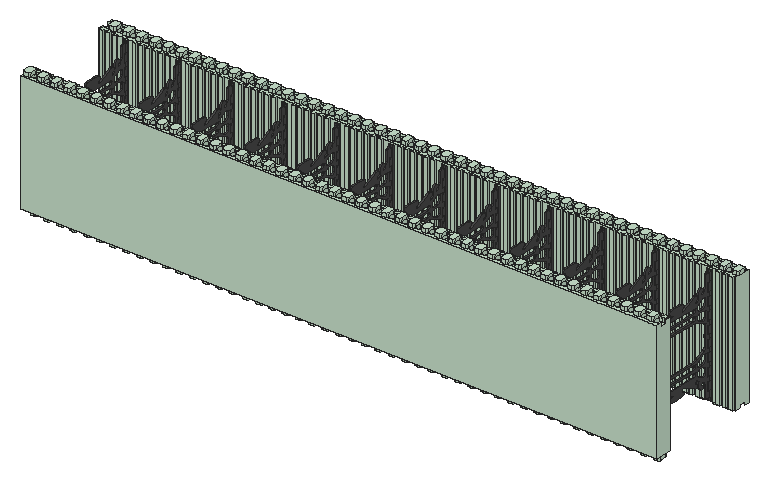
Revit family (continued)
Forms (mm)
  Extrusion 107, void
    sketch origin (508, -76.261, 0) x (-1, 0, 0) y (0, -1, 0)
      loop
        line (25.4, 124.411) -> (25.4, 101.014)
        arc (25.4, 101.014) -> (26.615, 97.278) -> (29.796, 94.972) r 6.35
        arc (29.796, 94.972) -> (36.091, 93.737) -> (42.5, 94.024) r 26.988
        arc (42.5, 94.024) -> (43.786, 93.668) -> (44.346, 92.457) r 1.587
        line (44.346, 92.457) -> (44.346, 86.829) -> (48.685, 86.829) -> (48.685, 95.62)
        arc (48.685, 95.62) -> (48.795, 96.199) -> (49.108, 96.698) r 1.588
        arc (49.108, 96.698) -> (50.362, 98.696) -> (50.8, 101.014) r 6.35
        line (50.8, 101.014) -> (50.8, 124.411)
        arc (50.8, 124.411) -> (49.585, 128.147) -> (46.404, 130.453) r 6.35
        arc (46.404, 130.453) -> (38.1, 131.763) -> (29.796, 130.453) r 26.987
        arc (29.796, 130.453) -> (26.615, 128.147) -> (25.4, 124.411) r 6.35
    from 0 to 12.7
  Extrusion 108, void
    sketch origin (558.8, -76.261, 0) x (-1, 0, 0) y (0, -1, 0)
      loop
        line (25.4, 124.411) -> (25.4, 101.014)
        arc (25.4, 101.014) -> (26.615, 97.278) -> (29.796, 94.972) r 6.35
        arc (29.796, 94.972) -> (36.091, 93.737) -> (42.5, 94.024) r 26.988
        arc (42.5, 94.024) -> (43.786, 93.668) -> (44.346, 92.457) r 1.587
        line (44.346, 92.457) -> (44.346, 86.829) -> (48.685, 86.829) -> (48.685, 95.62)
        arc (48.685, 95.62) -> (48.795, 96.199) -> (49.108, 96.698) r 1.588
        arc (49.108, 96.698) -> (50.362, 98.696) -> (50.8, 101.014) r 6.35
        line (50.8, 101.014) -> (50.8, 124.411)
        arc (50.8, 124.411) -> (49.585, 128.147) -> (46.404, 130.453) r 6.35
        arc (46.404, 130.453) -> (38.1, 131.763) -> (29.796, 130.453) r 26.987
        arc (29.796, 130.453) -> (26.615, 128.147) -> (25.4, 124.411) r 6.35
    from 0 to 12.7
  Extrusion 109, void
    sketch origin (609.6, -76.261, 0) x (-1, 0, 0) y (0, -1, 0)
      loop
        line (25.4, 124.411) -> (25.4, 101.014)
        arc (25.4, 101.014) -> (26.615, 97.278) -> (29.796, 94.972) r 6.35
        arc (29.796, 94.972) -> (36.091, 93.737) -> (42.5, 94.024) r 26.988
        arc (42.5, 94.024) -> (43.786, 93.668) -> (44.346, 92.457) r 1.587
        line (44.346, 92.457) -> (44.346, 86.829) -> (48.685, 86.829) -> (48.685, 95.62)
        arc (48.685, 95.62) -> (48.795, 96.199) -> (49.108, 96.698) r 1.588
        arc (49.108, 96.698) -> (50.362, 98.696) -> (50.8, 101.014) r 6.35
        line (50.8, 101.014) -> (50.8, 124.411)
        arc (50.8, 124.411) -> (49.585, 128.147) -> (46.404, 130.453) r 6.35
        arc (46.404, 130.453) -> (38.1, 131.763) -> (29.796, 130.453) r 26.987
        arc (29.796, 130.453) -> (26.615, 128.147) -> (25.4, 124.411) r 6.35
    from 0 to 12.7
  Extrusion 110, void
    sketch origin (660.4, -76.261, 0) x (-1, 0, 0) y (0, -1, 0)
      loop
        line (25.4, 124.411) -> (25.4, 101.014)
        arc (25.4, 101.014) -> (26.615, 97.278) -> (29.796, 94.972) r 6.35
        arc (29.796, 94.972) -> (36.091, 93.737) -> (42.5, 94.024) r 26.988
        arc (42.5, 94.024) -> (43.786, 93.668) -> (44.346, 92.457) r 1.587
        line (44.346, 92.457) -> (44.346, 86.829) -> (48.685, 86.829) -> (48.685, 95.62)
        arc (48.685, 95.62) -> (48.795, 96.199) -> (49.108, 96.698) r 1.588
        arc (49.108, 96.698) -> (50.362, 98.696) -> (50.8, 101.014) r 6.35
        line (50.8, 101.014) -> (50.8, 124.411)
        arc (50.8, 124.411) -> (49.585, 128.147) -> (46.404, 130.453) r 6.35
        arc (46.404, 130.453) -> (38.1, 131.763) -> (29.796, 130.453) r 26.987
        arc (29.796, 130.453) -> (26.615, 128.147) -> (25.4, 124.411) r 6.35
    from 0 to 12.7
  Extrusion 111, void
    sketch origin (711.2, -76.261, 0) x (-1, 0, 0) y (0, -1, 0)
      loop
        line (25.4, 124.411) -> (25.4, 101.014)
        arc (25.4, 101.014) -> (26.615, 97.278) -> (29.796, 94.972) r 6.35
        arc (29.796, 94.972) -> (36.091, 93.737) -> (42.5, 94.024) r 26.988
        arc (42.5, 94.024) -> (43.786, 93.668) -> (44.346, 92.457) r 1.587
        line (44.346, 92.457) -> (44.346, 86.829) -> (48.685, 86.829) -> (48.685, 95.62)
        arc (48.685, 95.62) -> (48.795, 96.199) -> (49.108, 96.698) r 1.588
        arc (49.108, 96.698) -> (50.362, 98.696) -> (50.8, 101.014) r 6.35
        line (50.8, 101.014) -> (50.8, 124.411)
        arc (50.8, 124.411) -> (49.585, 128.147) -> (46.404, 130.453) r 6.35
        arc (46.404, 130.453) -> (38.1, 131.763) -> (29.796, 130.453) r 26.987
        arc (29.796, 130.453) -> (26.615, 128.147) -> (25.4, 124.411) r 6.35
    from 0 to 12.7
  Extrusion 112, void
    sketch origin (762, -76.261, 0) x (-1, 0, 0) y (0, -1, 0)
      loop
        line (25.4, 124.411) -> (25.4, 101.014)
        arc (25.4, 101.014) -> (26.615, 97.278) -> (29.796, 94.972) r 6.35
        arc (29.796, 94.972) -> (36.091, 93.737) -> (42.5, 94.024) r 26.988
        arc (42.5, 94.024) -> (43.786, 93.668) -> (44.346, 92.457) r 1.587
        line (44.346, 92.457) -> (44.346, 86.829) -> (48.685, 86.829) -> (48.685, 95.62)
        arc (48.685, 95.62) -> (48.795, 96.199) -> (49.108, 96.698) r 1.588
        arc (49.108, 96.698) -> (50.362, 98.696) -> (50.8, 101.014) r 6.35
        line (50.8, 101.014) -> (50.8, 124.411)
        arc (50.8, 124.411) -> (49.585, 128.147) -> (46.404, 130.453) r 6.35
        arc (46.404, 130.453) -> (38.1, 131.763) -> (29.796, 130.453) r 26.987
        arc (29.796, 130.453) -> (26.615, 128.147) -> (25.4, 124.411) r 6.35
    from 0 to 12.7
  Extrusion 113, void
    sketch origin (812.8, -76.261, 0) x (-1, 0, 0) y (0, -1, 0)
      loop
        line (25.4, 124.411) -> (25.4, 101.014)
        arc (25.4, 101.014) -> (26.615, 97.278) -> (29.796, 94.972) r 6.35
        arc (29.796, 94.972) -> (36.091, 93.737) -> (42.5, 94.024) r 26.988
        arc (42.5, 94.024) -> (43.786, 93.668) -> (44.346, 92.457) r 1.587
        line (44.346, 92.457) -> (44.346, 86.829) -> (48.685, 86.829) -> (48.685, 95.62)
        arc (48.685, 95.62) -> (48.795, 96.199) -> (49.108, 96.698) r 1.588
        arc (49.108, 96.698) -> (50.362, 98.696) -> (50.8, 101.014) r 6.35
        line (50.8, 101.014) -> (50.8, 124.411)
        arc (50.8, 124.411) -> (49.585, 128.147) -> (46.404, 130.453) r 6.35
        arc (46.404, 130.453) -> (38.1, 131.763) -> (29.796, 130.453) r 26.987
        arc (29.796, 130.453) -> (26.615, 128.147) -> (25.4, 124.411) r 6.35
    from 0 to 12.7
  Extrusion 114, void
    sketch origin (863.6, -76.261, 0) x (-1, 0, 0) y (0, -1, 0)
      loop
        line (25.4, 124.411) -> (25.4, 101.014)
        arc (25.4, 101.014) -> (26.615, 97.278) -> (29.796, 94.972) r 6.35
        arc (29.796, 94.972) -> (36.091, 93.737) -> (42.5, 94.024) r 26.988
        arc (42.5, 94.024) -> (43.786, 93.668) -> (44.346, 92.457) r 1.587
        line (44.346, 92.457) -> (44.346, 86.829) -> (48.685, 86.829) -> (48.685, 95.62)
        arc (48.685, 95.62) -> (48.795, 96.199) -> (49.108, 96.698) r 1.588
        arc (49.108, 96.698) -> (50.362, 98.696) -> (50.8, 101.014) r 6.35
        line (50.8, 101.014) -> (50.8, 124.411)
        arc (50.8, 124.411) -> (49.585, 128.147) -> (46.404, 130.453) r 6.35
        arc (46.404, 130.453) -> (38.1, 131.763) -> (29.796, 130.453) r 26.987
        arc (29.796, 130.453) -> (26.615, 128.147) -> (25.4, 124.411) r 6.35
    from 0 to 12.7
  Extrusion 115, void
    sketch origin (914.4, -76.261, 0) x (-1, 0, 0) y (0, -1, 0)
      loop
        line (25.4, 124.411) -> (25.4, 101.014)
        arc (25.4, 101.014) -> (26.615, 97.278) -> (29.796, 94.972) r 6.35
        arc (29.796, 94.972) -> (36.091, 93.737) -> (42.5, 94.024) r 26.988
        arc (42.5, 94.024) -> (43.786, 93.668) -> (44.346, 92.457) r 1.587
        line (44.346, 92.457) -> (44.346, 86.829) -> (48.685, 86.829) -> (48.685, 95.62)
        arc (48.685, 95.62) -> (48.795, 96.199) -> (49.108, 96.698) r 1.588
        arc (49.108, 96.698) -> (50.362, 98.696) -> (50.8, 101.014) r 6.35
        line (50.8, 101.014) -> (50.8, 124.411)
        arc (50.8, 124.411) -> (49.585, 128.147) -> (46.404, 130.453) r 6.35
        arc (46.404, 130.453) -> (38.1, 131.763) -> (29.796, 130.453) r 26.987
        arc (29.796, 130.453) -> (26.615, 128.147) -> (25.4, 124.411) r 6.35
    from 0 to 12.7
  Extrusion 116, void
    sketch origin (965.2, -76.261, 0) x (-1, 0, 0) y (0, -1, 0)
      loop
        line (25.4, 124.411) -> (25.4, 101.014)
        arc (25.4, 101.014) -> (26.615, 97.278) -> (29.796, 94.972) r 6.35
        arc (29.796, 94.972) -> (36.091, 93.737) -> (42.5, 94.024) r 26.988
        arc (42.5, 94.024) -> (43.786, 93.668) -> (44.346, 92.457) r 1.587
        line (44.346, 92.457) -> (44.346, 86.829) -> (48.685, 86.829) -> (48.685, 95.62)
        arc (48.685, 95.62) -> (48.795, 96.199) -> (49.108, 96.698) r 1.588
        arc (49.108, 96.698) -> (50.362, 98.696) -> (50.8, 101.014) r 6.35
        line (50.8, 101.014) -> (50.8, 124.411)
        arc (50.8, 124.411) -> (49.585, 128.147) -> (46.404, 130.453) r 6.35
        arc (46.404, 130.453) -> (38.1, 131.763) -> (29.796, 130.453) r 26.987
        arc (29.796, 130.453) -> (26.615, 128.147) -> (25.4, 124.411) r 6.35
    from 0 to 12.7
  Extrusion 117, void
    sketch origin (1016, -76.261, 0) x (-1, 0, 0) y (0, -1, 0)
      loop
        line (25.4, 124.411) -> (25.4, 101.014)
        arc (25.4, 101.014) -> (26.615, 97.278) -> (29.796, 94.972) r 6.35
        arc (29.796, 94.972) -> (36.091, 93.737) -> (42.5, 94.024) r 26.988
        arc (42.5, 94.024) -> (43.786, 93.668) -> (44.346, 92.457) r 1.587
        line (44.346, 92.457) -> (44.346, 86.829) -> (48.685, 86.829) -> (48.685, 95.62)
        arc (48.685, 95.62) -> (48.795, 96.199) -> (49.108, 96.698) r 1.588
        arc (49.108, 96.698) -> (50.362, 98.696) -> (50.8, 101.014) r 6.35
        line (50.8, 101.014) -> (50.8, 124.411)
        arc (50.8, 124.411) -> (49.585, 128.147) -> (46.404, 130.453) r 6.35
        arc (46.404, 130.453) -> (38.1, 131.763) -> (29.796, 130.453) r 26.987
        arc (29.796, 130.453) -> (26.615, 128.147) -> (25.4, 124.411) r 6.35
    from 0 to 12.7
  Extrusion 118, void
    sketch origin (1066.8, -76.261, 0) x (-1, 0, 0) y (0, -1, 0)
      loop
        line (25.4, 124.411) -> (25.4, 101.014)
        arc (25.4, 101.014) -> (26.615, 97.278) -> (29.796, 94.972) r 6.35
        arc (29.796, 94.972) -> (36.091, 93.737) -> (42.5, 94.024) r 26.988
        arc (42.5, 94.024) -> (43.786, 93.668) -> (44.346, 92.457) r 1.587
        line (44.346, 92.457) -> (44.346, 86.829) -> (48.685, 86.829) -> (48.685, 95.62)
        arc (48.685, 95.62) -> (48.795, 96.199) -> (49.108, 96.698) r 1.588
        arc (49.108, 96.698) -> (50.362, 98.696) -> (50.8, 101.014) r 6.35
        line (50.8, 101.014) -> (50.8, 124.411)
        arc (50.8, 124.411) -> (49.585, 128.147) -> (46.404, 130.453) r 6.35
        arc (46.404, 130.453) -> (38.1, 131.763) -> (29.796, 130.453) r 26.987
        arc (29.796, 130.453) -> (26.615, 128.147) -> (25.4, 124.411) r 6.35
    from 0 to 12.7
  Extrusion 119, void
    sketch origin (1117.6, -76.261, 0) x (-1, 0, 0) y (0, -1, 0)
      loop
        line (25.4, 124.411) -> (25.4, 101.014)
        arc (25.4, 101.014) -> (26.615, 97.278) -> (29.796, 94.972) r 6.35
        arc (29.796, 94.972) -> (36.091, 93.737) -> (42.5, 94.024) r 26.988
        arc (42.5, 94.024) -> (43.786, 93.668) -> (44.346, 92.457) r 1.587
        line (44.346, 92.457) -> (44.346, 86.829) -> (48.685, 86.829) -> (48.685, 95.62)
        arc (48.685, 95.62) -> (48.795, 96.199) -> (49.108, 96.698) r 1.588
        arc (49.108, 96.698) -> (50.362, 98.696) -> (50.8, 101.014) r 6.35
        line (50.8, 101.014) -> (50.8, 124.411)
        arc (50.8, 124.411) -> (49.585, 128.147) -> (46.404, 130.453) r 6.35
        arc (46.404, 130.453) -> (38.1, 131.763) -> (29.796, 130.453) r 26.987
        arc (29.796, 130.453) -> (26.615, 128.147) -> (25.4, 124.411) r 6.35
    from 0 to 12.7
  Extrusion 120, void
    sketch origin (1168.4, -76.261, 0) x (-1, 0, 0) y (0, -1, 0)
      loop
        line (25.4, 124.411) -> (25.4, 101.014)
        arc (25.4, 101.014) -> (26.615, 97.278) -> (29.796, 94.972) r 6.35
        arc (29.796, 94.972) -> (36.091, 93.737) -> (42.5, 94.024) r 26.988
        arc (42.5, 94.024) -> (43.786, 93.668) -> (44.346, 92.457) r 1.587
        line (44.346, 92.457) -> (44.346, 86.829) -> (48.685, 86.829) -> (48.685, 95.62)
        arc (48.685, 95.62) -> (48.795, 96.199) -> (49.108, 96.698) r 1.588
        arc (49.108, 96.698) -> (50.362, 98.696) -> (50.8, 101.014) r 6.35
        line (50.8, 101.014) -> (50.8, 124.411)
        arc (50.8, 124.411) -> (49.585, 128.147) -> (46.404, 130.453) r 6.35
        arc (46.404, 130.453) -> (38.1, 131.763) -> (29.796, 130.453) r 26.987
        arc (29.796, 130.453) -> (26.615, 128.147) -> (25.4, 124.411) r 6.35
    from 0 to 12.7
  Extrusion 121, void
    sketch origin (1219.2, -76.261, 0) x (-1, 0, 0) y (0, -1, 0)
      loop
        line (25.4, 124.411) -> (25.4, 101.014)
        arc (25.4, 101.014) -> (26.615, 97.278) -> (29.796, 94.972) r 6.35
        arc (29.796, 94.972) -> (36.091, 93.737) -> (42.5, 94.024) r 26.988
        arc (42.5, 94.024) -> (43.786, 93.668) -> (44.346, 92.457) r 1.587
        line (44.346, 92.457) -> (44.346, 86.829) -> (48.685, 86.829) -> (48.685, 95.62)
        arc (48.685, 95.62) -> (48.795, 96.199) -> (49.108, 96.698) r 1.588
        arc (49.108, 96.698) -> (50.362, 98.696) -> (50.8, 101.014) r 6.35
        line (50.8, 101.014) -> (50.8, 124.411)
        arc (50.8, 124.411) -> (49.585, 128.147) -> (46.404, 130.453) r 6.35
        arc (46.404, 130.453) -> (38.1, 131.763) -> (29.796, 130.453) r 26.987
        arc (29.796, 130.453) -> (26.615, 128.147) -> (25.4, 124.411) r 6.35
    from 0 to 12.7
  Extrusion 122, void
    sketch origin (1270, -76.261, 0) x (-1, 0, 0) y (0, -1, 0)
      loop
        line (25.4, 124.411) -> (25.4, 101.014)
        arc (25.4, 101.014) -> (26.615, 97.278) -> (29.796, 94.972) r 6.35
        arc (29.796, 94.972) -> (36.091, 93.737) -> (42.5, 94.024) r 26.988
        arc (42.5, 94.024) -> (43.786, 93.668) -> (44.346, 92.457) r 1.587
        line (44.346, 92.457) -> (44.346, 86.829) -> (48.685, 86.829) -> (48.685, 95.62)
        arc (48.685, 95.62) -> (48.795, 96.199) -> (49.108, 96.698) r 1.588
        arc (49.108, 96.698) -> (50.362, 98.696) -> (50.8, 101.014) r 6.35
        line (50.8, 101.014) -> (50.8, 124.411)
        arc (50.8, 124.411) -> (49.585, 128.147) -> (46.404, 130.453) r 6.35
        arc (46.404, 130.453) -> (38.1, 131.763) -> (29.796, 130.453) r 26.987
        arc (29.796, 130.453) -> (26.615, 128.147) -> (25.4, 124.411) r 6.35
    from 0 to 12.7
  Extrusion 123, void
    sketch origin (1320.8, -76.261, 0) x (-1, 0, 0) y (0, -1, 0)
      loop
        line (25.4, 124.411) -> (25.4, 101.014)
        arc (25.4, 101.014) -> (26.615, 97.278) -> (29.796, 94.972) r 6.35
        arc (29.796, 94.972) -> (36.091, 93.737) -> (42.5, 94.024) r 26.988
        arc (42.5, 94.024) -> (43.786, 93.668) -> (44.346, 92.457) r 1.587
        line (44.346, 92.457) -> (44.346, 86.829) -> (48.685, 86.829) -> (48.685, 95.62)
        arc (48.685, 95.62) -> (48.795, 96.199) -> (49.108, 96.698) r 1.588
        arc (49.108, 96.698) -> (50.362, 98.696) -> (50.8, 101.014) r 6.35
        line (50.8, 101.014) -> (50.8, 124.411)
        arc (50.8, 124.411) -> (49.585, 128.147) -> (46.404, 130.453) r 6.35
        arc (46.404, 130.453) -> (38.1, 131.763) -> (29.796, 130.453) r 26.987
        arc (29.796, 130.453) -> (26.615, 128.147) -> (25.4, 124.411) r 6.35
    from 0 to 12.7
  Extrusion 124, void
    sketch origin (1371.6, -76.261, 0) x (-1, 0, 0) y (0, -1, 0)
      loop
        line (25.4, 124.411) -> (25.4, 101.014)
        arc (25.4, 101.014) -> (26.615, 97.278) -> (29.796, 94.972) r 6.35
        arc (29.796, 94.972) -> (36.091, 93.737) -> (42.5, 94.024) r 26.988
        arc (42.5, 94.024) -> (43.786, 93.668) -> (44.346, 92.457) r 1.587
        line (44.346, 92.457) -> (44.346, 86.829) -> (48.685, 86.829) -> (48.685, 95.62)
        arc (48.685, 95.62) -> (48.795, 96.199) -> (49.108, 96.698) r 1.588
        arc (49.108, 96.698) -> (50.362, 98.696) -> (50.8, 101.014) r 6.35
        line (50.8, 101.014) -> (50.8, 124.411)
        arc (50.8, 124.411) -> (49.585, 128.147) -> (46.404, 130.453) r 6.35
        arc (46.404, 130.453) -> (38.1, 131.763) -> (29.796, 130.453) r 26.987
        arc (29.796, 130.453) -> (26.615, 128.147) -> (25.4, 124.411) r 6.35
    from 0 to 12.7
  Extrusion 125, void
    sketch origin (1422.4, -76.261, 0) x (-1, 0, 0) y (0, -1, 0)
      loop
        line (25.4, 124.411) -> (25.4, 101.014)
        arc (25.4, 101.014) -> (26.615, 97.278) -> (29.796, 94.972) r 6.35
        arc (29.796, 94.972) -> (36.091, 93.737) -> (42.5, 94.024) r 26.988
        arc (42.5, 94.024) -> (43.786, 93.668) -> (44.346, 92.457) r 1.587
        line (44.346, 92.457) -> (44.346, 86.829) -> (48.685, 86.829) -> (48.685, 95.62)
        arc (48.685, 95.62) -> (48.795, 96.199) -> (49.108, 96.698) r 1.588
        arc (49.108, 96.698) -> (50.362, 98.696) -> (50.8, 101.014) r 6.35
        line (50.8, 101.014) -> (50.8, 124.411)
        arc (50.8, 124.411) -> (49.585, 128.147) -> (46.404, 130.453) r 6.35
        arc (46.404, 130.453) -> (38.1, 131.763) -> (29.796, 130.453) r 26.987
        arc (29.796, 130.453) -> (26.615, 128.147) -> (25.4, 124.411) r 6.35
    from 0 to 12.7
  Extrusion 126, void
    sketch origin (1473.2, -76.261, 0) x (-1, 0, 0) y (0, -1, 0)
      loop
        line (25.4, 124.411) -> (25.4, 101.014)
        arc (25.4, 101.014) -> (26.615, 97.278) -> (29.796, 94.972) r 6.35
        arc (29.796, 94.972) -> (36.091, 93.737) -> (42.5, 94.024) r 26.988
        arc (42.5, 94.024) -> (43.786, 93.668) -> (44.346, 92.457) r 1.587
        line (44.346, 92.457) -> (44.346, 86.829) -> (48.685, 86.829) -> (48.685, 95.62)
        arc (48.685, 95.62) -> (48.795, 96.199) -> (49.108, 96.698) r 1.588
        arc (49.108, 96.698) -> (50.362, 98.696) -> (50.8, 101.014) r 6.35
        line (50.8, 101.014) -> (50.8, 124.411)
        arc (50.8, 124.411) -> (49.585, 128.147) -> (46.404, 130.453) r 6.35
        arc (46.404, 130.453) -> (38.1, 131.763) -> (29.796, 130.453) r 26.987
        arc (29.796, 130.453) -> (26.615, 128.147) -> (25.4, 124.411) r 6.35
    from 0 to 12.7
  Extrusion 127, void
    sketch origin (1524, -76.261, 0) x (-1, 0, 0) y (0, -1, 0)
      loop
        line (25.4, 124.411) -> (25.4, 101.014)
        arc (25.4, 101.014) -> (26.615, 97.278) -> (29.796, 94.972) r 6.35
        arc (29.796, 94.972) -> (36.091, 93.737) -> (42.5, 94.024) r 26.988
        arc (42.5, 94.024) -> (43.786, 93.668) -> (44.346, 92.457) r 1.587
        line (44.346, 92.457) -> (44.346, 86.829) -> (48.685, 86.829) -> (48.685, 95.62)
        arc (48.685, 95.62) -> (48.795, 96.199) -> (49.108, 96.698) r 1.588
        arc (49.108, 96.698) -> (50.362, 98.696) -> (50.8, 101.014) r 6.35
        line (50.8, 101.014) -> (50.8, 124.411)
        arc (50.8, 124.411) -> (49.585, 128.147) -> (46.404, 130.453) r 6.35
        arc (46.404, 130.453) -> (38.1, 131.763) -> (29.796, 130.453) r 26.987
        arc (29.796, 130.453) -> (26.615, 128.147) -> (25.4, 124.411) r 6.35
    from 0 to 12.7
  Extrusion 128, void
    sketch origin (1574.8, -76.261, 0) x (-1, 0, 0) y (0, -1, 0)
      loop
        line (25.4, 124.411) -> (25.4, 101.014)
        arc (25.4, 101.014) -> (26.615, 97.278) -> (29.796, 94.972) r 6.35
        arc (29.796, 94.972) -> (36.091, 93.737) -> (42.5, 94.024) r 26.988
        arc (42.5, 94.024) -> (43.786, 93.668) -> (44.346, 92.457) r 1.587
        line (44.346, 92.457) -> (44.346, 86.829) -> (48.685, 86.829) -> (48.685, 95.62)
        arc (48.685, 95.62) -> (48.795, 96.199) -> (49.108, 96.698) r 1.588
        arc (49.108, 96.698) -> (50.362, 98.696) -> (50.8, 101.014) r 6.35
        line (50.8, 101.014) -> (50.8, 124.411)
        arc (50.8, 124.411) -> (49.585, 128.147) -> (46.404, 130.453) r 6.35
        arc (46.404, 130.453) -> (38.1, 131.763) -> (29.796, 130.453) r 26.987
        arc (29.796, 130.453) -> (26.615, 128.147) -> (25.4, 124.411) r 6.35
    from 0 to 12.7
  Extrusion 129, void
    sketch origin (1625.6, -76.261, 0) x (-1, 0, 0) y (0, -1, 0)
      loop
        line (25.4, 124.411) -> (25.4, 101.014)
        arc (25.4, 101.014) -> (26.615, 97.278) -> (29.796, 94.972) r 6.35
        arc (29.796, 94.972) -> (36.091, 93.737) -> (42.5, 94.024) r 26.988
        arc (42.5, 94.024) -> (43.786, 93.668) -> (44.346, 92.457) r 1.587
        line (44.346, 92.457) -> (44.346, 86.829) -> (48.685, 86.829) -> (48.685, 95.62)
        arc (48.685, 95.62) -> (48.795, 96.199) -> (49.108, 96.698) r 1.588
        arc (49.108, 96.698) -> (50.362, 98.696) -> (50.8, 101.014) r 6.35
        line (50.8, 101.014) -> (50.8, 124.411)
        arc (50.8, 124.411) -> (49.585, 128.147) -> (46.404, 130.453) r 6.35
        arc (46.404, 130.453) -> (38.1, 131.763) -> (29.796, 130.453) r 26.987
        arc (29.796, 130.453) -> (26.615, 128.147) -> (25.4, 124.411) r 6.35
    from 0 to 12.7
  Extrusion 130, void
    sketch origin (1676.4, -76.261, 0) x (-1, 0, 0) y (0, -1, 0)
      loop
        line (25.4, 124.411) -> (25.4, 101.014)
        arc (25.4, 101.014) -> (26.615, 97.278) -> (29.796, 94.972) r 6.35
        arc (29.796, 94.972) -> (36.091, 93.737) -> (42.5, 94.024) r 26.988
        arc (42.5, 94.024) -> (43.786, 93.668) -> (44.346, 92.457) r 1.587
        line (44.346, 92.457) -> (44.346, 86.829) -> (48.685, 86.829) -> (48.685, 95.62)
        arc (48.685, 95.62) -> (48.795, 96.199) -> (49.108, 96.698) r 1.588
        arc (49.108, 96.698) -> (50.362, 98.696) -> (50.8, 101.014) r 6.35
        line (50.8, 101.014) -> (50.8, 124.411)
        arc (50.8, 124.411) -> (49.585, 128.147) -> (46.404, 130.453) r 6.35
        arc (46.404, 130.453) -> (38.1, 131.763) -> (29.796, 130.453) r 26.987
        arc (29.796, 130.453) -> (26.615, 128.147) -> (25.4, 124.411) r 6.35
    from 0 to 12.7
  Extrusion 131, void
    sketch origin (1727.2, -76.261, 0) x (-1, 0, 0) y (0, -1, 0)
      loop
        line (25.4, 124.411) -> (25.4, 101.014)
        arc (25.4, 101.014) -> (26.615, 97.278) -> (29.796, 94.972) r 6.35
        arc (29.796, 94.972) -> (36.091, 93.737) -> (42.5, 94.024) r 26.988
        arc (42.5, 94.024) -> (43.786, 93.668) -> (44.346, 92.457) r 1.587
        line (44.346, 92.457) -> (44.346, 86.829) -> (48.685, 86.829) -> (48.685, 95.62)
        arc (48.685, 95.62) -> (48.795, 96.199) -> (49.108, 96.698) r 1.588
        arc (49.108, 96.698) -> (50.362, 98.696) -> (50.8, 101.014) r 6.35
        line (50.8, 101.014) -> (50.8, 124.411)
        arc (50.8, 124.411) -> (49.585, 128.147) -> (46.404, 130.453) r 6.35
        arc (46.404, 130.453) -> (38.1, 131.763) -> (29.796, 130.453) r 26.987
        arc (29.796, 130.453) -> (26.615, 128.147) -> (25.4, 124.411) r 6.35
    from 0 to 12.7
  Extrusion 132, void
    sketch origin (1778, -76.261, 0) x (-1, 0, 0) y (0, -1, 0)
      loop
        line (25.4, 124.411) -> (25.4, 101.014)
        arc (25.4, 101.014) -> (26.615, 97.278) -> (29.796, 94.972) r 6.35
        arc (29.796, 94.972) -> (36.091, 93.737) -> (42.5, 94.024) r 26.988
        arc (42.5, 94.024) -> (43.786, 93.668) -> (44.346, 92.457) r 1.587
        line (44.346, 92.457) -> (44.346, 86.829) -> (48.685, 86.829) -> (48.685, 95.62)
        arc (48.685, 95.62) -> (48.795, 96.199) -> (49.108, 96.698) r 1.588
        arc (49.108, 96.698) -> (50.362, 98.696) -> (50.8, 101.014) r 6.35
        line (50.8, 101.014) -> (50.8, 124.411)
        arc (50.8, 124.411) -> (49.585, 128.147) -> (46.404, 130.453) r 6.35
        arc (46.404, 130.453) -> (38.1, 131.763) -> (29.796, 130.453) r 26.987
        arc (29.796, 130.453) -> (26.615, 128.147) -> (25.4, 124.411) r 6.35
    from 0 to 12.7
  Extrusion 133, void
    sketch origin (1828.8, -76.261, 0) x (-1, 0, 0) y (0, -1, 0)
      loop
        line (25.4, 124.411) -> (25.4, 101.014)
        arc (25.4, 101.014) -> (26.615, 97.278) -> (29.796, 94.972) r 6.35
        arc (29.796, 94.972) -> (36.091, 93.737) -> (42.5, 94.024) r 26.988
        arc (42.5, 94.024) -> (43.786, 93.668) -> (44.346, 92.457) r 1.587
        line (44.346, 92.457) -> (44.346, 86.829) -> (48.685, 86.829) -> (48.685, 95.62)
        arc (48.685, 95.62) -> (48.795, 96.199) -> (49.108, 96.698) r 1.588
        arc (49.108, 96.698) -> (50.362, 98.696) -> (50.8, 101.014) r 6.35
        line (50.8, 101.014) -> (50.8, 124.411)
        arc (50.8, 124.411) -> (49.585, 128.147) -> (46.404, 130.453) r 6.35
        arc (46.404, 130.453) -> (38.1, 131.763) -> (29.796, 130.453) r 26.987
        arc (29.796, 130.453) -> (26.615, 128.147) -> (25.4, 124.411) r 6.35
    from 0 to 12.7
  Extrusion 134, void
    sketch origin (1879.6, -76.261, 0) x (-1, 0, 0) y (0, -1, 0)
      loop
        line (25.4, 124.411) -> (25.4, 101.014)
        arc (25.4, 101.014) -> (26.615, 97.278) -> (29.796, 94.972) r 6.35
        arc (29.796, 94.972) -> (36.091, 93.737) -> (42.5, 94.024) r 26.988
        arc (42.5, 94.024) -> (43.786, 93.668) -> (44.346, 92.457) r 1.587
        line (44.346, 92.457) -> (44.346, 86.829) -> (48.685, 86.829) -> (48.685, 95.62)
        arc (48.685, 95.62) -> (48.795, 96.199) -> (49.108, 96.698) r 1.588
        arc (49.108, 96.698) -> (50.362, 98.696) -> (50.8, 101.014) r 6.35
        line (50.8, 101.014) -> (50.8, 124.411)
        arc (50.8, 124.411) -> (49.585, 128.147) -> (46.404, 130.453) r 6.35
        arc (46.404, 130.453) -> (38.1, 131.763) -> (29.796, 130.453) r 26.987
        arc (29.796, 130.453) -> (26.615, 128.147) -> (25.4, 124.411) r 6.35
    from 0 to 12.7
  Extrusion 135, void
    sketch origin (1930.4, -76.261, 0) x (-1, 0, 0) y (0, -1, 0)
      loop
        line (25.4, 124.411) -> (25.4, 101.014)
        arc (25.4, 101.014) -> (26.615, 97.278) -> (29.796, 94.972) r 6.35
        arc (29.796, 94.972) -> (36.091, 93.737) -> (42.5, 94.024) r 26.988
        arc (42.5, 94.024) -> (43.786, 93.668) -> (44.346, 92.457) r 1.587
        line (44.346, 92.457) -> (44.346, 86.829) -> (48.685, 86.829) -> (48.685, 95.62)
        arc (48.685, 95.62) -> (48.795, 96.199) -> (49.108, 96.698) r 1.588
        arc (49.108, 96.698) -> (50.362, 98.696) -> (50.8, 101.014) r 6.35
        line (50.8, 101.014) -> (50.8, 124.411)
        arc (50.8, 124.411) -> (49.585, 128.147) -> (46.404, 130.453) r 6.35
        arc (46.404, 130.453) -> (38.1, 131.763) -> (29.796, 130.453) r 26.987
        arc (29.796, 130.453) -> (26.615, 128.147) -> (25.4, 124.411) r 6.35
    from 0 to 12.7
  Extrusion 136, void
    sketch origin (1981.2, -76.261, 0) x (-1, 0, 0) y (0, -1, 0)
      loop
        line (25.4, 124.411) -> (25.4, 101.014)
        arc (25.4, 101.014) -> (26.615, 97.278) -> (29.796, 94.972) r 6.35
        arc (29.796, 94.972) -> (36.091, 93.737) -> (42.5, 94.024) r 26.988
        arc (42.5, 94.024) -> (43.786, 93.668) -> (44.346, 92.457) r 1.587
        line (44.346, 92.457) -> (44.346, 86.829) -> (48.685, 86.829) -> (48.685, 95.62)
        arc (48.685, 95.62) -> (48.795, 96.199) -> (49.108, 96.698) r 1.588
        arc (49.108, 96.698) -> (50.362, 98.696) -> (50.8, 101.014) r 6.35
        line (50.8, 101.014) -> (50.8, 124.411)
        arc (50.8, 124.411) -> (49.585, 128.147) -> (46.404, 130.453) r 6.35
        arc (46.404, 130.453) -> (38.1, 131.763) -> (29.796, 130.453) r 26.987
        arc (29.796, 130.453) -> (26.615, 128.147) -> (25.4, 124.411) r 6.35
    from 0 to 12.7
  Extrusion 137, void
    sketch origin (2032, -76.261, 0) x (-1, 0, 0) y (0, -1, 0)
      loop
        line (25.4, 124.411) -> (25.4, 101.014)
        arc (25.4, 101.014) -> (26.615, 97.278) -> (29.796, 94.972) r 6.35
        arc (29.796, 94.972) -> (36.091, 93.737) -> (42.5, 94.024) r 26.988
        arc (42.5, 94.024) -> (43.786, 93.668) -> (44.346, 92.457) r 1.587
        line (44.346, 92.457) -> (44.346, 86.829) -> (48.685, 86.829) -> (48.685, 95.62)
        arc (48.685, 95.62) -> (48.795, 96.199) -> (49.108, 96.698) r 1.588
        arc (49.108, 96.698) -> (50.362, 98.696) -> (50.8, 101.014) r 6.35
        line (50.8, 101.014) -> (50.8, 124.411)
        arc (50.8, 124.411) -> (49.585, 128.147) -> (46.404, 130.453) r 6.35
        arc (46.404, 130.453) -> (38.1, 131.763) -> (29.796, 130.453) r 26.987
        arc (29.796, 130.453) -> (26.615, 128.147) -> (25.4, 124.411) r 6.35
    from 0 to 12.7
  Extrusion 138, void
    sketch origin (2082.8, -76.261, 0) x (-1, 0, 0) y (0, -1, 0)
      loop
        line (25.4, 124.411) -> (25.4, 101.014)
        arc (25.4, 101.014) -> (26.615, 97.278) -> (29.796, 94.972) r 6.35
        arc (29.796, 94.972) -> (36.091, 93.737) -> (42.5, 94.024) r 26.988
        arc (42.5, 94.024) -> (43.786, 93.668) -> (44.346, 92.457) r 1.587
        line (44.346, 92.457) -> (44.346, 86.829) -> (48.685, 86.829) -> (48.685, 95.62)
        arc (48.685, 95.62) -> (48.795, 96.199) -> (49.108, 96.698) r 1.588
        arc (49.108, 96.698) -> (50.362, 98.696) -> (50.8, 101.014) r 6.35
        line (50.8, 101.014) -> (50.8, 124.411)
        arc (50.8, 124.411) -> (49.585, 128.147) -> (46.404, 130.453) r 6.35
        arc (46.404, 130.453) -> (38.1, 131.763) -> (29.796, 130.453) r 26.987
        arc (29.796, 130.453) -> (26.615, 128.147) -> (25.4, 124.411) r 6.35
    from 0 to 12.7
  Extrusion 139, void
    sketch origin (2133.6, -76.261, 0) x (-1, 0, 0) y (0, -1, 0)
      loop
        line (25.4, 124.411) -> (25.4, 101.014)
        arc (25.4, 101.014) -> (26.615, 97.278) -> (29.796, 94.972) r 6.35
        arc (29.796, 94.972) -> (36.091, 93.737) -> (42.5, 94.024) r 26.988
        arc (42.5, 94.024) -> (43.786, 93.668) -> (44.346, 92.457) r 1.587
        line (44.346, 92.457) -> (44.346, 86.829) -> (48.685, 86.829) -> (48.685, 95.62)
        arc (48.685, 95.62) -> (48.795, 96.199) -> (49.108, 96.698) r 1.588
        arc (49.108, 96.698) -> (50.362, 98.696) -> (50.8, 101.014) r 6.35
        line (50.8, 101.014) -> (50.8, 124.411)
        arc (50.8, 124.411) -> (49.585, 128.147) -> (46.404, 130.453) r 6.35
        arc (46.404, 130.453) -> (38.1, 131.763) -> (29.796, 130.453) r 26.987
        arc (29.796, 130.453) -> (26.615, 128.147) -> (25.4, 124.411) r 6.35
    from 0 to 12.7
  Extrusion 140, void
    sketch origin (2184.4, -76.261, 0) x (-1, 0, 0) y (0, -1, 0)
      loop
        line (25.4, 124.411) -> (25.4, 101.014)
        arc (25.4, 101.014) -> (26.615, 97.278) -> (29.796, 94.972) r 6.35
        arc (29.796, 94.972) -> (36.091, 93.737) -> (42.5, 94.024) r 26.988
        arc (42.5, 94.024) -> (43.786, 93.668) -> (44.346, 92.457) r 1.587
        line (44.346, 92.457) -> (44.346, 86.829) -> (48.685, 86.829) -> (48.685, 95.62)
        arc (48.685, 95.62) -> (48.795, 96.199) -> (49.108, 96.698) r 1.588
        arc (49.108, 96.698) -> (50.362, 98.696) -> (50.8, 101.014) r 6.35
        line (50.8, 101.014) -> (50.8, 124.411)
        arc (50.8, 124.411) -> (49.585, 128.147) -> (46.404, 130.453) r 6.35
        arc (46.404, 130.453) -> (38.1, 131.763) -> (29.796, 130.453) r 26.987
        arc (29.796, 130.453) -> (26.615, 128.147) -> (25.4, 124.411) r 6.35
    from 0 to 12.7
  Extrusion 141, void
    sketch origin (2235.2, -76.261, 0) x (-1, 0, 0) y (0, -1, 0)
      loop
        line (25.4, 124.411) -> (25.4, 101.014)
        arc (25.4, 101.014) -> (26.615, 97.278) -> (29.796, 94.972) r 6.35
        arc (29.796, 94.972) -> (36.091, 93.737) -> (42.5, 94.024) r 26.988
        arc (42.5, 94.024) -> (43.786, 93.668) -> (44.346, 92.457) r 1.587
        line (44.346, 92.457) -> (44.346, 86.829) -> (48.685, 86.829) -> (48.685, 95.62)
        arc (48.685, 95.62) -> (48.795, 96.199) -> (49.108, 96.698) r 1.588
        arc (49.108, 96.698) -> (50.362, 98.696) -> (50.8, 101.014) r 6.35
        line (50.8, 101.014) -> (50.8, 124.411)
        arc (50.8, 124.411) -> (49.585, 128.147) -> (46.404, 130.453) r 6.35
        arc (46.404, 130.453) -> (38.1, 131.763) -> (29.796, 130.453) r 26.987
        arc (29.796, 130.453) -> (26.615, 128.147) -> (25.4, 124.411) r 6.35
    from 0 to 12.7
  Extrusion 142, void
    sketch origin (2286, -76.261, 0) x (-1, 0, 0) y (0, -1, 0)
      loop
        line (25.4, 124.411) -> (25.4, 101.014)
        arc (25.4, 101.014) -> (26.615, 97.278) -> (29.796, 94.972) r 6.35
        arc (29.796, 94.972) -> (36.091, 93.737) -> (42.5, 94.024) r 26.988
        arc (42.5, 94.024) -> (43.786, 93.668) -> (44.346, 92.457) r 1.587
        line (44.346, 92.457) -> (44.346, 86.829) -> (48.685, 86.829) -> (48.685, 95.62)
        arc (48.685, 95.62) -> (48.795, 96.199) -> (49.108, 96.698) r 1.588
        arc (49.108, 96.698) -> (50.362, 98.696) -> (50.8, 101.014) r 6.35
        line (50.8, 101.014) -> (50.8, 124.411)
        arc (50.8, 124.411) -> (49.585, 128.147) -> (46.404, 130.453) r 6.35
        arc (46.404, 130.453) -> (38.1, 131.763) -> (29.796, 130.453) r 26.987
        arc (29.796, 130.453) -> (26.615, 128.147) -> (25.4, 124.411) r 6.35
    from 0 to 12.7
  Extrusion 143, void
    sketch origin (2336.8, -76.261, 0) x (-1, 0, 0) y (0, -1, 0)
      loop
        line (25.4, 124.411) -> (25.4, 101.014)
        arc (25.4, 101.014) -> (26.615, 97.278) -> (29.796, 94.972) r 6.35
        arc (29.796, 94.972) -> (36.091, 93.737) -> (42.5, 94.024) r 26.988
        arc (42.5, 94.024) -> (43.786, 93.668) -> (44.346, 92.457) r 1.587
        line (44.346, 92.457) -> (44.346, 86.829) -> (48.685, 86.829) -> (48.685, 95.62)
        arc (48.685, 95.62) -> (48.795, 96.199) -> (49.108, 96.698) r 1.588
        arc (49.108, 96.698) -> (50.362, 98.696) -> (50.8, 101.014) r 6.35
        line (50.8, 101.014) -> (50.8, 124.411)
        arc (50.8, 124.411) -> (49.585, 128.147) -> (46.404, 130.453) r 6.35
        arc (46.404, 130.453) -> (38.1, 131.763) -> (29.796, 130.453) r 26.987
        arc (29.796, 130.453) -> (26.615, 128.147) -> (25.4, 124.411) r 6.35
    from 0 to 12.7
  Extrusion 144, void
    sketch origin (2387.6, -76.261, 0) x (-1, 0, 0) y (0, -1, 0)
      loop
        line (25.4, 124.411) -> (25.4, 101.014)
        arc (25.4, 101.014) -> (26.615, 97.278) -> (29.796, 94.972) r 6.35
        arc (29.796, 94.972) -> (36.091, 93.737) -> (42.5, 94.024) r 26.988
        arc (42.5, 94.024) -> (43.786, 93.668) -> (44.346, 92.457) r 1.587
        line (44.346, 92.457) -> (44.346, 86.829) -> (48.685, 86.829) -> (48.685, 95.62)
        arc (48.685, 95.62) -> (48.795, 96.199) -> (49.108, 96.698) r 1.588
        arc (49.108, 96.698) -> (50.362, 98.696) -> (50.8, 101.014) r 6.35
        line (50.8, 101.014) -> (50.8, 124.411)
        arc (50.8, 124.411) -> (49.585, 128.147) -> (46.404, 130.453) r 6.35
        arc (46.404, 130.453) -> (38.1, 131.763) -> (29.796, 130.453) r 26.987
        arc (29.796, 130.453) -> (26.615, 128.147) -> (25.4, 124.411) r 6.35
    from 0 to 12.7
  Extrusion 145, void
    sketch origin (2438.4, -76.261, 0) x (-1, 0, 0) y (0, -1, 0)
      loop
        line (25.4, 124.411) -> (25.4, 101.014)
        arc (25.4, 101.014) -> (26.615, 97.278) -> (29.796, 94.972) r 6.35
        arc (29.796, 94.972) -> (36.091, 93.737) -> (42.5, 94.024) r 26.988
        arc (42.5, 94.024) -> (43.786, 93.668) -> (44.346, 92.457) r 1.587
        line (44.346, 92.457) -> (44.346, 86.829) -> (48.685, 86.829) -> (48.685, 95.62)
        arc (48.685, 95.62) -> (48.795, 96.199) -> (49.108, 96.698) r 1.588
        arc (49.108, 96.698) -> (50.362, 98.696) -> (50.8, 101.014) r 6.35
        line (50.8, 101.014) -> (50.8, 124.411)
        arc (50.8, 124.411) -> (49.585, 128.147) -> (46.404, 130.453) r 6.35
        arc (46.404, 130.453) -> (38.1, 131.763) -> (29.796, 130.453) r 26.987
        arc (29.796, 130.453) -> (26.615, 128.147) -> (25.4, 124.411) r 6.35
    from 0 to 12.7
  Extrusion 146, void
    sketch origin (2387.6, 76.139, 0) x (1, 0, 0) y (0, 1, 0)
      loop
        line (25.4, 124.411) -> (25.4, 101.014)
        arc (25.4, 101.014) -> (26.615, 97.278) -> (29.796, 94.972) r 6.35
        arc (29.796, 94.972) -> (36.091, 93.737) -> (42.5, 94.024) r 26.988
        arc (42.5, 94.024) -> (43.786, 93.668) -> (44.346, 92.457) r 1.587
        line (44.346, 92.457) -> (44.346, 86.829) -> (48.685, 86.829) -> (48.685, 95.62)
        arc (48.685, 95.62) -> (48.795, 96.199) -> (49.108, 96.698) r 1.588
        arc (49.108, 96.698) -> (50.362, 98.696) -> (50.8, 101.014) r 6.35
        line (50.8, 101.014) -> (50.8, 124.411)
        arc (50.8, 124.411) -> (49.585, 128.147) -> (46.404, 130.453) r 6.35
        arc (46.404, 130.453) -> (38.1, 131.763) -> (29.796, 130.453) r 26.987
        arc (29.796, 130.453) -> (26.615, 128.147) -> (25.4, 124.411) r 6.35
    from 0 to 12.7
  Extrusion 147, void
    sketch origin (2336.8, 76.139, 0) x (1, 0, 0) y (0, 1, 0)
      loop
        line (25.4, 124.411) -> (25.4, 101.014)
        arc (25.4, 101.014) -> (26.615, 97.278) -> (29.796, 94.972) r 6.35
        arc (29.796, 94.972) -> (36.091, 93.737) -> (42.5, 94.024) r 26.988
        arc (42.5, 94.024) -> (43.786, 93.668) -> (44.346, 92.457) r 1.587
        line (44.346, 92.457) -> (44.346, 86.829) -> (48.685, 86.829) -> (48.685, 95.62)
        arc (48.685, 95.62) -> (48.795, 96.199) -> (49.108, 96.698) r 1.588
        arc (49.108, 96.698) -> (50.362, 98.696) -> (50.8, 101.014) r 6.35
        line (50.8, 101.014) -> (50.8, 124.411)
        arc (50.8, 124.411) -> (49.585, 128.147) -> (46.404, 130.453) r 6.35
        arc (46.404, 130.453) -> (38.1, 131.763) -> (29.796, 130.453) r 26.987
        arc (29.796, 130.453) -> (26.615, 128.147) -> (25.4, 124.411) r 6.35
    from 0 to 12.7
  Extrusion 148, void
    sketch origin (2286, 76.139, 0) x (1, 0, 0) y (0, 1, 0)
      loop
        line (25.4, 124.411) -> (25.4, 101.014)
        arc (25.4, 101.014) -> (26.615, 97.278) -> (29.796, 94.972) r 6.35
        arc (29.796, 94.972) -> (36.091, 93.737) -> (42.5, 94.024) r 26.988
        arc (42.5, 94.024) -> (43.786, 93.668) -> (44.346, 92.457) r 1.587
        line (44.346, 92.457) -> (44.346, 86.829) -> (48.685, 86.829) -> (48.685, 95.62)
        arc (48.685, 95.62) -> (48.795, 96.199) -> (49.108, 96.698) r 1.588
        arc (49.108, 96.698) -> (50.362, 98.696) -> (50.8, 101.014) r 6.35
        line (50.8, 101.014) -> (50.8, 124.411)
        arc (50.8, 124.411) -> (49.585, 128.147) -> (46.404, 130.453) r 6.35
        arc (46.404, 130.453) -> (38.1, 131.763) -> (29.796, 130.453) r 26.987
        arc (29.796, 130.453) -> (26.615, 128.147) -> (25.4, 124.411) r 6.35
    from 0 to 12.7
  Extrusion 149, void
    sketch origin (2235.2, 76.139, 0) x (1, 0, 0) y (0, 1, 0)
      loop
        line (25.4, 124.411) -> (25.4, 101.014)
        arc (25.4, 101.014) -> (26.615, 97.278) -> (29.796, 94.972) r 6.35
        arc (29.796, 94.972) -> (36.091, 93.737) -> (42.5, 94.024) r 26.988
        arc (42.5, 94.024) -> (43.786, 93.668) -> (44.346, 92.457) r 1.587
        line (44.346, 92.457) -> (44.346, 86.829) -> (48.685, 86.829) -> (48.685, 95.62)
        arc (48.685, 95.62) -> (48.795, 96.199) -> (49.108, 96.698) r 1.588
        arc (49.108, 96.698) -> (50.362, 98.696) -> (50.8, 101.014) r 6.35
        line (50.8, 101.014) -> (50.8, 124.411)
        arc (50.8, 124.411) -> (49.585, 128.147) -> (46.404, 130.453) r 6.35
        arc (46.404, 130.453) -> (38.1, 131.763) -> (29.796, 130.453) r 26.987
        arc (29.796, 130.453) -> (26.615, 128.147) -> (25.4, 124.411) r 6.35
    from 0 to 12.7
  Extrusion 150, void
    sketch origin (2184.4, 76.139, 0) x (1, 0, 0) y (0, 1, 0)
      loop
        line (25.4, 124.411) -> (25.4, 101.014)
        arc (25.4, 101.014) -> (26.615, 97.278) -> (29.796, 94.972) r 6.35
        arc (29.796, 94.972) -> (36.091, 93.737) -> (42.5, 94.024) r 26.988
        arc (42.5, 94.024) -> (43.786, 93.668) -> (44.346, 92.457) r 1.587
        line (44.346, 92.457) -> (44.346, 86.829) -> (48.685, 86.829) -> (48.685, 95.62)
        arc (48.685, 95.62) -> (48.795, 96.199) -> (49.108, 96.698) r 1.588
        arc (49.108, 96.698) -> (50.362, 98.696) -> (50.8, 101.014) r 6.35
        line (50.8, 101.014) -> (50.8, 124.411)
        arc (50.8, 124.411) -> (49.585, 128.147) -> (46.404, 130.453) r 6.35
        arc (46.404, 130.453) -> (38.1, 131.763) -> (29.796, 130.453) r 26.987
        arc (29.796, 130.453) -> (26.615, 128.147) -> (25.4, 124.411) r 6.35
    from 0 to 12.7
  Extrusion 151, void
    sketch origin (2133.6, 76.139, 0) x (1, 0, 0) y (0, 1, 0)
      loop
        line (25.4, 124.411) -> (25.4, 101.014)
        arc (25.4, 101.014) -> (26.615, 97.278) -> (29.796, 94.972) r 6.35
        arc (29.796, 94.972) -> (36.091, 93.737) -> (42.5, 94.024) r 26.988
        arc (42.5, 94.024) -> (43.786, 93.668) -> (44.346, 92.457) r 1.587
        line (44.346, 92.457) -> (44.346, 86.829) -> (48.685, 86.829) -> (48.685, 95.62)
        arc (48.685, 95.62) -> (48.795, 96.199) -> (49.108, 96.698) r 1.588
        arc (49.108, 96.698) -> (50.362, 98.696) -> (50.8, 101.014) r 6.35
        line (50.8, 101.014) -> (50.8, 124.411)
        arc (50.8, 124.411) -> (49.585, 128.147) -> (46.404, 130.453) r 6.35
        arc (46.404, 130.453) -> (38.1, 131.763) -> (29.796, 130.453) r 26.987
        arc (29.796, 130.453) -> (26.615, 128.147) -> (25.4, 124.411) r 6.35
    from 0 to 12.7
  Extrusion 152, void
    sketch origin (2082.8, 76.139, 0) x (1, 0, 0) y (0, 1, 0)
      loop
        line (25.4, 124.411) -> (25.4, 101.014)
        arc (25.4, 101.014) -> (26.615, 97.278) -> (29.796, 94.972) r 6.35
        arc (29.796, 94.972) -> (36.091, 93.737) -> (42.5, 94.024) r 26.988
        arc (42.5, 94.024) -> (43.786, 93.668) -> (44.346, 92.457) r 1.587
        line (44.346, 92.457) -> (44.346, 86.829) -> (48.685, 86.829) -> (48.685, 95.62)
        arc (48.685, 95.62) -> (48.795, 96.199) -> (49.108, 96.698) r 1.588
        arc (49.108, 96.698) -> (50.362, 98.696) -> (50.8, 101.014) r 6.35
        line (50.8, 101.014) -> (50.8, 124.411)
        arc (50.8, 124.411) -> (49.585, 128.147) -> (46.404, 130.453) r 6.35
        arc (46.404, 130.453) -> (38.1, 131.763) -> (29.796, 130.453) r 26.987
        arc (29.796, 130.453) -> (26.615, 128.147) -> (25.4, 124.411) r 6.35
    from 0 to 12.7
  Extrusion 153, void
    sketch origin (2032, 76.139, 0) x (1, 0, 0) y (0, 1, 0)
      loop
        line (25.4, 124.411) -> (25.4, 101.014)
        arc (25.4, 101.014) -> (26.615, 97.278) -> (29.796, 94.972) r 6.35
        arc (29.796, 94.972) -> (36.091, 93.737) -> (42.5, 94.024) r 26.988
        arc (42.5, 94.024) -> (43.786, 93.668) -> (44.346, 92.457) r 1.587
        line (44.346, 92.457) -> (44.346, 86.829) -> (48.685, 86.829) -> (48.685, 95.62)
        arc (48.685, 95.62) -> (48.795, 96.199) -> (49.108, 96.698) r 1.588
        arc (49.108, 96.698) -> (50.362, 98.696) -> (50.8, 101.014) r 6.35
        line (50.8, 101.014) -> (50.8, 124.411)
        arc (50.8, 124.411) -> (49.585, 128.147) -> (46.404, 130.453) r 6.35
        arc (46.404, 130.453) -> (38.1, 131.763) -> (29.796, 130.453) r 26.987
        arc (29.796, 130.453) -> (26.615, 128.147) -> (25.4, 124.411) r 6.35
    from 0 to 12.7
  Extrusion 154, void
    sketch origin (1981.2, 76.139, 0) x (1, 0, 0) y (0, 1, 0)
      loop
        line (25.4, 124.411) -> (25.4, 101.014)
        arc (25.4, 101.014) -> (26.615, 97.278) -> (29.796, 94.972) r 6.35
        arc (29.796, 94.972) -> (36.091, 93.737) -> (42.5, 94.024) r 26.988
        arc (42.5, 94.024) -> (43.786, 93.668) -> (44.346, 92.457) r 1.587
        line (44.346, 92.457) -> (44.346, 86.829) -> (48.685, 86.829) -> (48.685, 95.62)
        arc (48.685, 95.62) -> (48.795, 96.199) -> (49.108, 96.698) r 1.588
        arc (49.108, 96.698) -> (50.362, 98.696) -> (50.8, 101.014) r 6.35
        line (50.8, 101.014) -> (50.8, 124.411)
        arc (50.8, 124.411) -> (49.585, 128.147) -> (46.404, 130.453) r 6.35
        arc (46.404, 130.453) -> (38.1, 131.763) -> (29.796, 130.453) r 26.987
        arc (29.796, 130.453) -> (26.615, 128.147) -> (25.4, 124.411) r 6.35
    from 0 to 12.7
  Extrusion 155, void
    sketch origin (1930.4, 76.139, 0) x (1, 0, 0) y (0, 1, 0)
      loop
        line (25.4, 124.411) -> (25.4, 101.014)
        arc (25.4, 101.014) -> (26.615, 97.278) -> (29.796, 94.972) r 6.35
        arc (29.796, 94.972) -> (36.091, 93.737) -> (42.5, 94.024) r 26.988
        arc (42.5, 94.024) -> (43.786, 93.668) -> (44.346, 92.457) r 1.587
        line (44.346, 92.457) -> (44.346, 86.829) -> (48.685, 86.829) -> (48.685, 95.62)
        arc (48.685, 95.62) -> (48.795, 96.199) -> (49.108, 96.698) r 1.588
        arc (49.108, 96.698) -> (50.362, 98.696) -> (50.8, 101.014) r 6.35
        line (50.8, 101.014) -> (50.8, 124.411)
        arc (50.8, 124.411) -> (49.585, 128.147) -> (46.404, 130.453) r 6.35
        arc (46.404, 130.453) -> (38.1, 131.763) -> (29.796, 130.453) r 26.987
        arc (29.796, 130.453) -> (26.615, 128.147) -> (25.4, 124.411) r 6.35
    from 0 to 12.7
  Extrusion 156, void
    sketch origin (1879.6, 76.139, 0) x (1, 0, 0) y (0, 1, 0)
      loop
        line (25.4, 124.411) -> (25.4, 101.014)
        arc (25.4, 101.014) -> (26.615, 97.278) -> (29.796, 94.972) r 6.35
        arc (29.796, 94.972) -> (36.091, 93.737) -> (42.5, 94.024) r 26.988
        arc (42.5, 94.024) -> (43.786, 93.668) -> (44.346, 92.457) r 1.587
        line (44.346, 92.457) -> (44.346, 86.829) -> (48.685, 86.829) -> (48.685, 95.62)
        arc (48.685, 95.62) -> (48.795, 96.199) -> (49.108, 96.698) r 1.588
        arc (49.108, 96.698) -> (50.362, 98.696) -> (50.8, 101.014) r 6.35
        line (50.8, 101.014) -> (50.8, 124.411)
        arc (50.8, 124.411) -> (49.585, 128.147) -> (46.404, 130.453) r 6.35
        arc (46.404, 130.453) -> (38.1, 131.763) -> (29.796, 130.453) r 26.987
        arc (29.796, 130.453) -> (26.615, 128.147) -> (25.4, 124.411) r 6.35
    from 0 to 12.7
  Extrusion 157, void
    sketch origin (1828.8, 76.139, 0) x (1, 0, 0) y (0, 1, 0)
      loop
        line (25.4, 124.411) -> (25.4, 101.014)
        arc (25.4, 101.014) -> (26.615, 97.278) -> (29.796, 94.972) r 6.35
        arc (29.796, 94.972) -> (36.091, 93.737) -> (42.5, 94.024) r 26.988
        arc (42.5, 94.024) -> (43.786, 93.668) -> (44.346, 92.457) r 1.587
        line (44.346, 92.457) -> (44.346, 86.829) -> (48.685, 86.829) -> (48.685, 95.62)
        arc (48.685, 95.62) -> (48.795, 96.199) -> (49.108, 96.698) r 1.588
        arc (49.108, 96.698) -> (50.362, 98.696) -> (50.8, 101.014) r 6.35
        line (50.8, 101.014) -> (50.8, 124.411)
        arc (50.8, 124.411) -> (49.585, 128.147) -> (46.404, 130.453) r 6.35
        arc (46.404, 130.453) -> (38.1, 131.763) -> (29.796, 130.453) r 26.987
        arc (29.796, 130.453) -> (26.615, 128.147) -> (25.4, 124.411) r 6.35
    from 0 to 12.7
  Extrusion 158, void
    sketch origin (1778, 76.139, 0) x (1, 0, 0) y (0, 1, 0)
      loop
        line (25.4, 124.411) -> (25.4, 101.014)
        arc (25.4, 101.014) -> (26.615, 97.278) -> (29.796, 94.972) r 6.35
        arc (29.796, 94.972) -> (36.091, 93.737) -> (42.5, 94.024) r 26.988
        arc (42.5, 94.024) -> (43.786, 93.668) -> (44.346, 92.457) r 1.587
        line (44.346, 92.457) -> (44.346, 86.829) -> (48.685, 86.829) -> (48.685, 95.62)
        arc (48.685, 95.62) -> (48.795, 96.199) -> (49.108, 96.698) r 1.588
        arc (49.108, 96.698) -> (50.362, 98.696) -> (50.8, 101.014) r 6.35
        line (50.8, 101.014) -> (50.8, 124.411)
        arc (50.8, 124.411) -> (49.585, 128.147) -> (46.404, 130.453) r 6.35
        arc (46.404, 130.453) -> (38.1, 131.763) -> (29.796, 130.453) r 26.987
        arc (29.796, 130.453) -> (26.615, 128.147) -> (25.4, 124.411) r 6.35
    from 0 to 12.7
  Extrusion 159, void
    sketch origin (1727.2, 76.139, 0) x (1, 0, 0) y (0, 1, 0)
      loop
        line (25.4, 124.411) -> (25.4, 101.014)
        arc (25.4, 101.014) -> (26.615, 97.278) -> (29.796, 94.972) r 6.35
        arc (29.796, 94.972) -> (36.091, 93.737) -> (42.5, 94.024) r 26.988
        arc (42.5, 94.024) -> (43.786, 93.668) -> (44.346, 92.457) r 1.587
        line (44.346, 92.457) -> (44.346, 86.829) -> (48.685, 86.829) -> (48.685, 95.62)
        arc (48.685, 95.62) -> (48.795, 96.199) -> (49.108, 96.698) r 1.588
        arc (49.108, 96.698) -> (50.362, 98.696) -> (50.8, 101.014) r 6.35
        line (50.8, 101.014) -> (50.8, 124.411)
        arc (50.8, 124.411) -> (49.585, 128.147) -> (46.404, 130.453) r 6.35
        arc (46.404, 130.453) -> (38.1, 131.763) -> (29.796, 130.453) r 26.987
        arc (29.796, 130.453) -> (26.615, 128.147) -> (25.4, 124.411) r 6.35
    from 0 to 12.7
  Extrusion 160, void
    sketch origin (1676.4, 76.139, 0) x (1, 0, 0) y (0, 1, 0)
      loop
        line (25.4, 124.411) -> (25.4, 101.014)
        arc (25.4, 101.014) -> (26.615, 97.278) -> (29.796, 94.972) r 6.35
        arc (29.796, 94.972) -> (36.091, 93.737) -> (42.5, 94.024) r 26.988
        arc (42.5, 94.024) -> (43.786, 93.668) -> (44.346, 92.457) r 1.587
        line (44.346, 92.457) -> (44.346, 86.829) -> (48.685, 86.829) -> (48.685, 95.62)
        arc (48.685, 95.62) -> (48.795, 96.199) -> (49.108, 96.698) r 1.588
        arc (49.108, 96.698) -> (50.362, 98.696) -> (50.8, 101.014) r 6.35
        line (50.8, 101.014) -> (50.8, 124.411)
        arc (50.8, 124.411) -> (49.585, 128.147) -> (46.404, 130.453) r 6.35
        arc (46.404, 130.453) -> (38.1, 131.763) -> (29.796, 130.453) r 26.987
        arc (29.796, 130.453) -> (26.615, 128.147) -> (25.4, 124.411) r 6.35
    from 0 to 12.7
  Extrusion 161, void
    sketch origin (1625.6, 76.139, 0) x (1, 0, 0) y (0, 1, 0)
      loop
        line (25.4, 124.411) -> (25.4, 101.014)
        arc (25.4, 101.014) -> (26.615, 97.278) -> (29.796, 94.972) r 6.35
        arc (29.796, 94.972) -> (36.091, 93.737) -> (42.5, 94.024) r 26.988
        arc (42.5, 94.024) -> (43.786, 93.668) -> (44.346, 92.457) r 1.587
        line (44.346, 92.457) -> (44.346, 86.829) -> (48.685, 86.829) -> (48.685, 95.62)
        arc (48.685, 95.62) -> (48.795, 96.199) -> (49.108, 96.698) r 1.588
        arc (49.108, 96.698) -> (50.362, 98.696) -> (50.8, 101.014) r 6.35
        line (50.8, 101.014) -> (50.8, 124.411)
        arc (50.8, 124.411) -> (49.585, 128.147) -> (46.404, 130.453) r 6.35
        arc (46.404, 130.453) -> (38.1, 131.763) -> (29.796, 130.453) r 26.987
        arc (29.796, 130.453) -> (26.615, 128.147) -> (25.4, 124.411) r 6.35
    from 0 to 12.7
  Extrusion 162, void
    sketch origin (1574.8, 76.139, 0) x (1, 0, 0) y (0, 1, 0)
      loop
        line (25.4, 124.411) -> (25.4, 101.014)
        arc (25.4, 101.014) -> (26.615, 97.278) -> (29.796, 94.972) r 6.35
        arc (29.796, 94.972) -> (36.091, 93.737) -> (42.5, 94.024) r 26.988
        arc (42.5, 94.024) -> (43.786, 93.668) -> (44.346, 92.457) r 1.587
        line (44.346, 92.457) -> (44.346, 86.829) -> (48.685, 86.829) -> (48.685, 95.62)
        arc (48.685, 95.62) -> (48.795, 96.199) -> (49.108, 96.698) r 1.588
        arc (49.108, 96.698) -> (50.362, 98.696) -> (50.8, 101.014) r 6.35
        line (50.8, 101.014) -> (50.8, 124.411)
        arc (50.8, 124.411) -> (49.585, 128.147) -> (46.404, 130.453) r 6.35
        arc (46.404, 130.453) -> (38.1, 131.763) -> (29.796, 130.453) r 26.987
        arc (29.796, 130.453) -> (26.615, 128.147) -> (25.4, 124.411) r 6.35
    from 0 to 12.7
  Extrusion 163, void
    sketch origin (1524, 76.139, 0) x (1, 0, 0) y (0, 1, 0)
      loop
        line (25.4, 124.411) -> (25.4, 101.014)
        arc (25.4, 101.014) -> (26.615, 97.278) -> (29.796, 94.972) r 6.35
        arc (29.796, 94.972) -> (36.091, 93.737) -> (42.5, 94.024) r 26.988
        arc (42.5, 94.024) -> (43.786, 93.668) -> (44.346, 92.457) r 1.587
        line (44.346, 92.457) -> (44.346, 86.829) -> (48.685, 86.829) -> (48.685, 95.62)
        arc (48.685, 95.62) -> (48.795, 96.199) -> (49.108, 96.698) r 1.588
        arc (49.108, 96.698) -> (50.362, 98.696) -> (50.8, 101.014) r 6.35
        line (50.8, 101.014) -> (50.8, 124.411)
        arc (50.8, 124.411) -> (49.585, 128.147) -> (46.404, 130.453) r 6.35
        arc (46.404, 130.453) -> (38.1, 131.763) -> (29.796, 130.453) r 26.987
        arc (29.796, 130.453) -> (26.615, 128.147) -> (25.4, 124.411) r 6.35
    from 0 to 12.7
  Extrusion 164, void
    sketch origin (1473.2, 76.139, 0) x (1, 0, 0) y (0, 1, 0)
      loop
        line (25.4, 124.411) -> (25.4, 101.014)
        arc (25.4, 101.014) -> (26.615, 97.278) -> (29.796, 94.972) r 6.35
        arc (29.796, 94.972) -> (36.091, 93.737) -> (42.5, 94.024) r 26.988
        arc (42.5, 94.024) -> (43.786, 93.668) -> (44.346, 92.457) r 1.587
        line (44.346, 92.457) -> (44.346, 86.829) -> (48.685, 86.829) -> (48.685, 95.62)
        arc (48.685, 95.62) -> (48.795, 96.199) -> (49.108, 96.698) r 1.588
        arc (49.108, 96.698) -> (50.362, 98.696) -> (50.8, 101.014) r 6.35
        line (50.8, 101.014) -> (50.8, 124.411)
        arc (50.8, 124.411) -> (49.585, 128.147) -> (46.404, 130.453) r 6.35
        arc (46.404, 130.453) -> (38.1, 131.763) -> (29.796, 130.453) r 26.987
        arc (29.796, 130.453) -> (26.615, 128.147) -> (25.4, 124.411) r 6.35
    from 0 to 12.7
  Extrusion 165, void
    sketch origin (1422.4, 76.139, 0) x (1, 0, 0) y (0, 1, 0)
      loop
        line (25.4, 124.411) -> (25.4, 101.014)
        arc (25.4, 101.014) -> (26.615, 97.278) -> (29.796, 94.972) r 6.35
        arc (29.796, 94.972) -> (36.091, 93.737) -> (42.5, 94.024) r 26.988
        arc (42.5, 94.024) -> (43.786, 93.668) -> (44.346, 92.457) r 1.587
        line (44.346, 92.457) -> (44.346, 86.829) -> (48.685, 86.829) -> (48.685, 95.62)
        arc (48.685, 95.62) -> (48.795, 96.199) -> (49.108, 96.698) r 1.588
        arc (49.108, 96.698) -> (50.362, 98.696) -> (50.8, 101.014) r 6.35
        line (50.8, 101.014) -> (50.8, 124.411)
        arc (50.8, 124.411) -> (49.585, 128.147) -> (46.404, 130.453) r 6.35
        arc (46.404, 130.453) -> (38.1, 131.763) -> (29.796, 130.453) r 26.987
        arc (29.796, 130.453) -> (26.615, 128.147) -> (25.4, 124.411) r 6.35
    from 0 to 12.7
  Extrusion 166, void
    sketch origin (1371.6, 76.139, 0) x (1, 0, 0) y (0, 1, 0)
      loop
        line (25.4, 124.411) -> (25.4, 101.014)
        arc (25.4, 101.014) -> (26.615, 97.278) -> (29.796, 94.972) r 6.35
        arc (29.796, 94.972) -> (36.091, 93.737) -> (42.5, 94.024) r 26.988
        arc (42.5, 94.024) -> (43.786, 93.668) -> (44.346, 92.457) r 1.587
        line (44.346, 92.457) -> (44.346, 86.829) -> (48.685, 86.829) -> (48.685, 95.62)
        arc (48.685, 95.62) -> (48.795, 96.199) -> (49.108, 96.698) r 1.588
        arc (49.108, 96.698) -> (50.362, 98.696) -> (50.8, 101.014) r 6.35
        line (50.8, 101.014) -> (50.8, 124.411)
        arc (50.8, 124.411) -> (49.585, 128.147) -> (46.404, 130.453) r 6.35
        arc (46.404, 130.453) -> (38.1, 131.763) -> (29.796, 130.453) r 26.987
